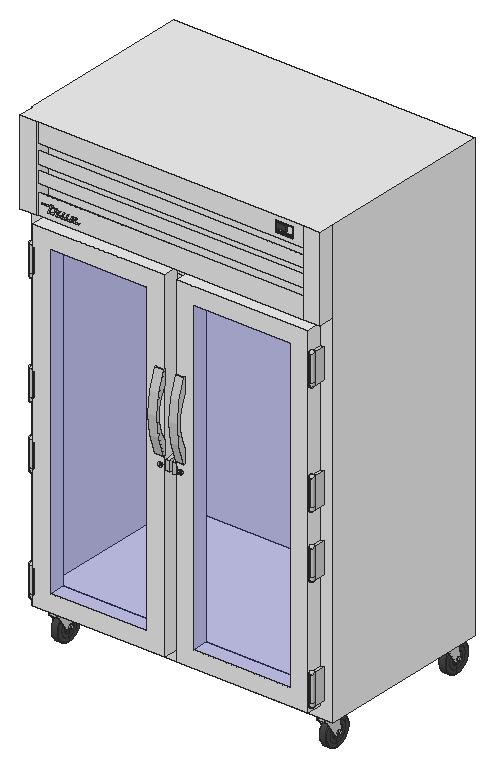
Revit family (continued)
Automatic sketch dimensions
  Extrusion 10 sketch curve to Extrusion 10 sketch curve = 4.4"
  Extrusion 10 sketch curve to Extrusion 10 sketch curve = 0"
  Blend 11 sketch curve to plane 12 = 31/32"  (x2)
  Blend 11 sketch curve to plane 12 = 7/32"
  plane 7 to Blend 11 sketch curve = 31.11669"
  Blend 11 sketch curve to Blend 11 sketch curve = 1 3/4"
  Blend 11 sketch curve to plane 12 = 0.03652"
  plane 7 to Blend 11 sketch curve = 30.5191"
  Blend 11 sketch curve to Blend 11 sketch curve = 2.78233"
  Blend 12 sketch curve to plane 8 = 1 1/8"
  Blend 12 sketch curve to plane 8 = 3/8"
  plane 7 to Blend 12 sketch curve = 32.86669"
  Blend 12 sketch curve to Blend 12 sketch curve = 1 3/4"
  plane 8 to Blend 12 sketch curve = 1 1/8"
  plane 8 to Blend 12 sketch curve = 0.19277"
  Blend 12 sketch curve to plane 7 = 30.5191"
  Blend 12 sketch curve to Blend 12 sketch curve = 2.78233"
  Extrusion 13 sketch curve to plane 5 "FRONT" = 1/2"
  Extrusion 13 sketch curve to Extrusion 13 sketch curve = 0.43503"
  Extrusion 13 sketch curve to Extrusion 13 sketch curve = 0.20453"
  Extrusion 13 sketch curve to Extrusion 13 sketch curve = 1.61044"
  Extrusion 13 sketch curve to plane 6 "TOP" = 24.88873"
  Extrusion 13 sketch curve to Extrusion 13 sketch curve = 0.71221"
  Extrusion 13 sketch curve to Extrusion 13 sketch curve = 4.39928"
  Revolve 14 sketch curve to plane 5 "FRONT" = 0.07771"  (x2)
  Revolve 14 sketch curve to Revolve 14 sketch curve = 0.38242"
  Revolve 14 sketch curve to Revolve 14 sketch curve = 0.38436"
  Revolve 14 sketch curve to plane 5 "FRONT" = 31/64"
  Revolve 14 sketch curve to Revolve 14 sketch curve = 0.40666"
  Revolve 14 sketch curve to Revolve 14 sketch curve = 0"
  Revolve 14 sketch curve to plane 6 "TOP" = 25.07719"
  Revolve 14 sketch curve to Revolve 14 sketch curve = 0.32931"
  Revolve 14 sketch curve to Revolve 14 sketch curve = 0.51246"
  Revolve 14 sketch curve to Revolve 14 sketch curve = 0.05342"
  Revolve 14 sketch curve to Revolve 14 sketch curve = 4.42889"
  Revolve 14 sketch curve to Revolve 14 sketch curve = 0.04281"
  Revolve 14 sketch curve to Revolve 14 sketch curve = 0.18929"
  Revolve 14 sketch curve to Revolve 14 sketch curve = 0.55526"
  Extrusion 15 sketch curve to plane 9 = 0.96009"
  Extrusion 15 sketch curve to Extrusion 15 sketch curve = 0.39759"
  Extrusion 15 sketch curve to plane 6 "TOP" = 24.12421"
  Extrusion 15 sketch curve to Extrusion 15 sketch curve = 4.47281"
  Extrusion 16 sketch curve to plane 5 "FRONT" = 1/2"
  Extrusion 16 sketch curve to Extrusion 16 sketch curve = 0.43503"
  Extrusion 16 sketch curve to Extrusion 16 sketch curve = 0.20453"
  Extrusion 16 sketch curve to Extrusion 16 sketch curve = 1.61044"
  plane 7 to Extrusion 16 sketch curve = 33.61127"
  Extrusion 16 sketch curve to Extrusion 16 sketch curve = 0.71221"
  Extrusion 16 sketch curve to Extrusion 16 sketch curve = 4.39928"
  Revolve 17 sketch curve to plane 5 "FRONT" = 0.07771"  (x2)
  Revolve 17 sketch curve to Revolve 17 sketch curve = 0.38242"
  Revolve 17 sketch curve to Revolve 17 sketch curve = 0.38436"
  Revolve 17 sketch curve to plane 5 "FRONT" = 31/64"
  Revolve 17 sketch curve to Revolve 17 sketch curve = 0.40666"
  Revolve 17 sketch curve to Revolve 17 sketch curve = 0"
  plane 7 to Revolve 17 sketch curve = 33.42281"
  Revolve 17 sketch curve to Revolve 17 sketch curve = 0.32931"
  Revolve 17 sketch curve to Revolve 17 sketch curve = 0.51246"
  Revolve 17 sketch curve to Revolve 17 sketch curve = 0.05342"
  Revolve 17 sketch curve to Revolve 17 sketch curve = 4.42889"
  Revolve 17 sketch curve to Revolve 17 sketch curve = 0.04281"
  Revolve 17 sketch curve to Revolve 17 sketch curve = 0.18929"
  Revolve 17 sketch curve to Revolve 17 sketch curve = 0.55526"
  Extrusion 18 sketch curve to plane 9 = 0.96009"
  Extrusion 18 sketch curve to Extrusion 18 sketch curve = 0.39759"
  plane 7 to Extrusion 18 sketch curve = 34.37579"
  Extrusion 18 sketch curve to Extrusion 18 sketch curve = 4.47281"
  Extrusion 19 sketch curve to plane 5 "FRONT" = 1/2"
  Extrusion 19 sketch curve to Extrusion 19 sketch curve = 0.43503"
  Extrusion 19 sketch curve to Extrusion 19 sketch curve = 0.20453"
  Extrusion 19 sketch curve to Extrusion 19 sketch curve = 1.61044"
  plane 7 to Extrusion 19 sketch curve = 22.61127"
  Extrusion 19 sketch curve to Extrusion 19 sketch curve = 0.71221"
  Extrusion 19 sketch curve to Extrusion 19 sketch curve = 4.39928"
  Revolve 20 sketch curve to plane 5 "FRONT" = 0.07771"  (x2)
  Revolve 20 sketch curve to Revolve 20 sketch curve = 0.38242"
  Revolve 20 sketch curve to Revolve 20 sketch curve = 0.38436"
  Revolve 20 sketch curve to plane 5 "FRONT" = 31/64"
  Revolve 20 sketch curve to Revolve 20 sketch curve = 0.40666"
  Revolve 20 sketch curve to Revolve 20 sketch curve = 0"
  plane 7 to Revolve 20 sketch curve = 22.42281"
  Revolve 20 sketch curve to Revolve 20 sketch curve = 0.32931"
  Revolve 20 sketch curve to Revolve 20 sketch curve = 0.51246"
  Revolve 20 sketch curve to Revolve 20 sketch curve = 0.05342"
  Revolve 20 sketch curve to Revolve 20 sketch curve = 4.42889"
  Revolve 20 sketch curve to Revolve 20 sketch curve = 0.04281"
  Revolve 20 sketch curve to Revolve 20 sketch curve = 0.18929"
  Revolve 20 sketch curve to Revolve 20 sketch curve = 0.55526"
  Extrusion 21 sketch curve to plane 9 = 0.96009"
  Extrusion 21 sketch curve to Extrusion 21 sketch curve = 0.39759"
  plane 7 to Extrusion 21 sketch curve = 23.37579"
  Extrusion 21 sketch curve to Extrusion 21 sketch curve = 4.47281"
  Extrusion 22 sketch curve to plane 5 "FRONT" = 1/2"
  Extrusion 22 sketch curve to Extrusion 22 sketch curve = 0.43503"
  Extrusion 22 sketch curve to Extrusion 22 sketch curve = 0.20453"
  Extrusion 22 sketch curve to Extrusion 22 sketch curve = 1.61044"
  plane 7 to Extrusion 22 sketch curve = 2.86127"
  Extrusion 22 sketch curve to Extrusion 22 sketch curve = 0.71221"
  Extrusion 22 sketch curve to Extrusion 22 sketch curve = 4.39928"
  Revolve 23 sketch curve to plane 5 "FRONT" = 0.07771"  (x2)
  Revolve 23 sketch curve to Revolve 23 sketch curve = 0.38242"
  Revolve 23 sketch curve to Revolve 23 sketch curve = 0.38436"
  Revolve 23 sketch curve to plane 5 "FRONT" = 31/64"
  Revolve 23 sketch curve to Revolve 23 sketch curve = 0.40666"
  Revolve 23 sketch curve to Revolve 23 sketch curve = 0"
  plane 7 to Revolve 23 sketch curve = 2.67281"
  Revolve 23 sketch curve to Revolve 23 sketch curve = 0.32931"
  Revolve 23 sketch curve to Revolve 23 sketch curve = 0.51246"
  Revolve 23 sketch curve to Revolve 23 sketch curve = 0.05342"
  Revolve 23 sketch curve to Revolve 23 sketch curve = 4.42889"
  Revolve 23 sketch curve to Revolve 23 sketch curve = 0.04281"
  Revolve 23 sketch curve to Revolve 23 sketch curve = 0.18929"
  Revolve 23 sketch curve to Revolve 23 sketch curve = 0.55526"
  Extrusion 24 sketch curve to plane 9 = 0.96009"
  Extrusion 24 sketch curve to Extrusion 24 sketch curve = 0.39759"
  plane 7 to Extrusion 24 sketch curve = 3.62579"
  Extrusion 24 sketch curve to Extrusion 24 sketch curve = 4.47281"
  Extrusion 25 sketch curve to plane 5 "FRONT" = 1/2"
  Extrusion 25 sketch curve to Extrusion 25 sketch curve = 0.43503"
  Extrusion 25 sketch curve to Extrusion 25 sketch curve = 0.20453"
  Extrusion 25 sketch curve to Extrusion 25 sketch curve = 1.61044"
  Extrusion 25 sketch curve to plane 6 "TOP" = 19.57271"
  Extrusion 25 sketch curve to Extrusion 25 sketch curve = 4.39928"
  Extrusion 25 sketch curve to Extrusion 25 sketch curve = 0.71221"
  Revolve 26 sketch curve to plane 5 "FRONT" = 0.07771"  (x2)
  Revolve 26 sketch curve to Revolve 26 sketch curve = 0.38242"
  Revolve 26 sketch curve to Revolve 26 sketch curve = 0.38436"
  Revolve 26 sketch curve to plane 5 "FRONT" = 31/64"
  Revolve 26 sketch curve to Revolve 26 sketch curve = 0.40666"
  Revolve 26 sketch curve to Revolve 26 sketch curve = 0"
  Revolve 26 sketch curve to plane 6 "TOP" = 18.75492"
  Revolve 26 sketch curve to Revolve 26 sketch curve = 0.55526"
  Revolve 26 sketch curve to Revolve 26 sketch curve = 0.19474"
  Revolve 26 sketch curve to Revolve 26 sketch curve = 0.14649"
  Revolve 26 sketch curve to Revolve 26 sketch curve = 4.42889"
  Revolve 26 sketch curve to Revolve 26 sketch curve = 0.05342"
  Revolve 26 sketch curve to Revolve 26 sketch curve = 0.51246"
  Revolve 26 sketch curve to Revolve 26 sketch curve = 0.05889"
  plane 10 to Extrusion 27 sketch curve = 0.80384"
  Extrusion 27 sketch curve to Extrusion 27 sketch curve = 0.39759"
  Extrusion 27 sketch curve to plane 6 "TOP" = 19.6514"
  Extrusion 27 sketch curve to Extrusion 27 sketch curve = 4.47281"
  Extrusion 28 sketch curve to plane 5 "FRONT" = 1/2"
  Extrusion 28 sketch curve to Extrusion 28 sketch curve = 0.43503"
  Extrusion 28 sketch curve to Extrusion 28 sketch curve = 0.20453"
  Extrusion 28 sketch curve to Extrusion 28 sketch curve = 1.61044"
  plane 7 to Extrusion 28 sketch curve = 38.92729"
  Extrusion 28 sketch curve to Extrusion 28 sketch curve = 4.39928"
  Extrusion 28 sketch curve to Extrusion 28 sketch curve = 0.71221"
  Revolve 29 sketch curve to plane 5 "FRONT" = 0.07771"  (x2)
  Revolve 29 sketch curve to Revolve 29 sketch curve = 0.38242"
  Revolve 29 sketch curve to Revolve 29 sketch curve = 0.38436"
  Revolve 29 sketch curve to plane 5 "FRONT" = 31/64"
  Revolve 29 sketch curve to Revolve 29 sketch curve = 0.40666"
  Revolve 29 sketch curve to Revolve 29 sketch curve = 0"
  Revolve 29 sketch curve to plane 6 "TOP" = 38.25492"
  Revolve 29 sketch curve to Revolve 29 sketch curve = 0.55526"
  Revolve 29 sketch curve to Revolve 29 sketch curve = 0.19474"
  Revolve 29 sketch curve to Revolve 29 sketch curve = 0.14649"
  Revolve 29 sketch curve to Revolve 29 sketch curve = 4.42889"
  Revolve 29 sketch curve to Revolve 29 sketch curve = 0.05342"
  Revolve 29 sketch curve to Revolve 29 sketch curve = 0.51246"
  Revolve 29 sketch curve to Revolve 29 sketch curve = 0.05889"
  plane 10 to Extrusion 30 sketch curve = 0.80384"
  Extrusion 30 sketch curve to Extrusion 30 sketch curve = 0.39759"
  plane 7 to Extrusion 30 sketch curve = 38.8486"
  Extrusion 30 sketch curve to Extrusion 30 sketch curve = 4.47281"
  Extrusion 31 sketch curve to plane 5 "FRONT" = 1/2"
  Extrusion 31 sketch curve to Extrusion 31 sketch curve = 0.43503"
  Extrusion 31 sketch curve to Extrusion 31 sketch curve = 0.20453"
  Extrusion 31 sketch curve to Extrusion 31 sketch curve = 1.61044"
  plane 7 to Extrusion 31 sketch curve = 27.92729"
  Extrusion 31 sketch curve to Extrusion 31 sketch curve = 4.39928"
  Extrusion 31 sketch curve to Extrusion 31 sketch curve = 0.71221"
  Revolve 32 sketch curve to plane 5 "FRONT" = 0.07771"  (x2)
  Revolve 32 sketch curve to Revolve 32 sketch curve = 0.38242"
  Revolve 32 sketch curve to Revolve 32 sketch curve = 0.38436"
  Revolve 32 sketch curve to plane 5 "FRONT" = 31/64"
  Revolve 32 sketch curve to Revolve 32 sketch curve = 0.40666"
  Revolve 32 sketch curve to Revolve 32 sketch curve = 0"
  plane 7 to Revolve 32 sketch curve = 28.74508"
  Revolve 32 sketch curve to Revolve 32 sketch curve = 0.55526"
  Revolve 32 sketch curve to Revolve 32 sketch curve = 0.19474"
  Revolve 32 sketch curve to Revolve 32 sketch curve = 0.14649"
  Revolve 32 sketch curve to Revolve 32 sketch curve = 4.42889"
  Revolve 32 sketch curve to Revolve 32 sketch curve = 0.05342"
  Revolve 32 sketch curve to Revolve 32 sketch curve = 0.51246"
  Revolve 32 sketch curve to Revolve 32 sketch curve = 0.05889"
  plane 10 to Extrusion 33 sketch curve = 0.80384"
  Extrusion 33 sketch curve to Extrusion 33 sketch curve = 0.39759"
  plane 7 to Extrusion 33 sketch curve = 27.8486"
  Extrusion 33 sketch curve to Extrusion 33 sketch curve = 4.47281"
  Extrusion 34 sketch curve to plane 5 "FRONT" = 1/2"
  Extrusion 34 sketch curve to Extrusion 34 sketch curve = 0.43503"
  Extrusion 34 sketch curve to Extrusion 34 sketch curve = 0.20453"
  Extrusion 34 sketch curve to Extrusion 34 sketch curve = 1.61044"
  plane 7 to Extrusion 34 sketch curve = 8.17729"
  plane 7 to Extrusion 34 sketch curve = 3.57348"
  Extrusion 34 sketch curve to Extrusion 34 sketch curve = 0.71221"
  Revolve 35 sketch curve to plane 5 "FRONT" = 0.07771"  (x2)
  Revolve 35 sketch curve to Revolve 35 sketch curve = 0.38242"
  Revolve 35 sketch curve to Revolve 35 sketch curve = 0.38436"
  Revolve 35 sketch curve to plane 5 "FRONT" = 31/64"
  Revolve 35 sketch curve to Revolve 35 sketch curve = 0.40666"
  Revolve 35 sketch curve to Revolve 35 sketch curve = 0"
  plane 7 to Revolve 35 sketch curve = 8.99508"
  Revolve 35 sketch curve to Revolve 35 sketch curve = 0.55526"
  Revolve 35 sketch curve to Revolve 35 sketch curve = 0.19474"
  Revolve 35 sketch curve to Revolve 35 sketch curve = 0.14649"
  plane 7 to Revolve 35 sketch curve = 3.62689"
  Revolve 35 sketch curve to Revolve 35 sketch curve = 0.05342"
  Revolve 35 sketch curve to Revolve 35 sketch curve = 0.51246"
  Revolve 35 sketch curve to Revolve 35 sketch curve = 0.05889"
  plane 10 to Extrusion 36 sketch curve = 0.80384"
  Extrusion 36 sketch curve to Extrusion 36 sketch curve = 0.39759"
  plane 7 to Extrusion 36 sketch curve = 8.0986"
  plane 7 to Extrusion 36 sketch curve = 3.62579"
  Revolve 37 sketch curve to plane 10 = 1.50773"
  Revolve 37 sketch curve to Revolve 37 sketch curve = 0.48273"
  Revolve 37 sketch curve to plane 10 = 5/8"  (x2)
  Revolve 37 sketch curve to Revolve 37 sketch curve = 0.1"  (x2)
  Revolve 37 sketch curve to Revolve 37 sketch curve = 0.16101"
  plane 10 to Revolve 37 sketch curve = 0.12908"
  plane 10 to Revolve 37 sketch curve = 0.46399"
  plane 10 to Revolve 37 sketch curve = 0.525"
  Revolve 37 sketch curve to Revolve 37 sketch curve = 1/2"
  Revolve 37 sketch curve to Revolve 37 sketch curve = 0.16509"
  Revolve 37 sketch curve to Revolve 37 sketch curve = 0.39592"
  level to Revolve 37 sketch curve = 2 1/2"
  Revolve 37 sketch curve to Revolve 37 sketch curve = 0"
  Revolve 37 sketch curve to Revolve 37 sketch curve = 0.29941"  (x2)
  Revolve 37 sketch curve to Revolve 37 sketch curve = 3/4"  (x4)
  Revolve 37 sketch curve to Revolve 37 sketch curve = 0.59652"
  Revolve 37 sketch curve to Revolve 37 sketch curve = 0.60059"
  Extrusion 38 sketch curve to plane 7 = 0.63926"  (x2)
  Extrusion 38 sketch curve to plane 5 "FRONT" = 3.79864"
  Extrusion 38 sketch curve to Extrusion 38 sketch curve = 1/4"  (x2)
  level to Extrusion 38 sketch curve = 2.18736"  (x2)
  Extrusion 38 sketch curve to Extrusion 38 sketch curve = 1.7492"
  Extrusion 38 sketch curve to Extrusion 38 sketch curve = 0.50669"  (x2)
  Extrusion 38 sketch curve to Extrusion 38 sketch curve = 2 1/2"
  level to Extrusion 38 sketch curve = 2.59003"
  Extrusion 38 sketch curve to Extrusion 38 sketch curve = 0.59966"  (x2)
  plane 1 "BACK" to Extrusion 38 sketch curve = 3.8577"
  plane 1 "BACK" to Extrusion 38 sketch curve = 1.8585"
  plane 1 "BACK" to Extrusion 38 sketch curve = 1.1077"
  Extrusion 38 sketch curve to Extrusion 38 sketch curve = 0.32905"
  Extrusion 38 sketch curve to Extrusion 38 sketch curve = 0.60485"  (x2)
  Extrusion 39 sketch curve to plane 7 = 0.63926"  (x2)
  Extrusion 39 sketch curve to plane 5 "FRONT" = 3.79864"
  Extrusion 39 sketch curve to Extrusion 39 sketch curve = 1/4"  (x2)
  level to Extrusion 39 sketch curve = 2.18736"  (x2)
  Extrusion 39 sketch curve to Extrusion 39 sketch curve = 1.7492"
  Extrusion 39 sketch curve to Extrusion 39 sketch curve = 0.50669"  (x2)
  Extrusion 39 sketch curve to Extrusion 39 sketch curve = 2 1/2"
  level to Extrusion 39 sketch curve = 2.59003"
  Extrusion 39 sketch curve to Extrusion 39 sketch curve = 0.59966"  (x2)
  plane 1 "BACK" to Extrusion 39 sketch curve = 3.8577"
  plane 1 "BACK" to Extrusion 39 sketch curve = 1.8585"
  plane 1 "BACK" to Extrusion 39 sketch curve = 1.1077"
  Extrusion 39 sketch curve to Extrusion 39 sketch curve = 0.32905"
  Extrusion 39 sketch curve to Extrusion 39 sketch curve = 0.60485"  (x2)
  Revolve 40 sketch curve to plane 10 = 0"  (x2)
  Revolve 40 sketch curve to plane 7 = 0.62954"
  Revolve 40 sketch curve to plane 10 = 1.29707"
  Revolve 40 sketch curve to Revolve 40 sketch curve = 0.10278"
  Revolve 40 sketch curve to plane 7 = 0.00141"
  plane 7 to Revolve 40 sketch curve = 0.26768"
  Revolve 41 sketch curve to level = 0"
  Revolve 41 sketch curve to plane 10 = 0"  (x2)
  Revolve 41 sketch curve to plane 10 = 1/2"
  Revolve 41 sketch curve to Revolve 41 sketch curve = 1/4"
  Revolve 41 sketch curve to plane 7 = 0"
  Revolve 41 sketch curve to Revolve 41 sketch curve = 1.33338"
  level to Revolve 41 sketch curve = 1"
  Revolve 41 sketch curve to Revolve 41 sketch curve = 5/8"
  plane 7 to Revolve 41 sketch curve = 1 25/32"
  Revolve 42 sketch curve to level = 0"
  Revolve 42 sketch curve to plane 10 = 0"  (x2)
  Revolve 42 sketch curve to plane 10 = 1/2"
  Revolve 42 sketch curve to Revolve 42 sketch curve = 1/4"
  Revolve 42 sketch curve to plane 7 = 0"
  Revolve 42 sketch curve to Revolve 42 sketch curve = 1.33338"
  level to Revolve 42 sketch curve = 1"
  Revolve 42 sketch curve to Revolve 42 sketch curve = 5/8"
  plane 7 to Revolve 42 sketch curve = 1 25/32"
  Revolve 43 sketch curve to plane 10 = 0"  (x2)
  Revolve 43 sketch curve to plane 7 = 0.62954"
  Revolve 43 sketch curve to plane 10 = 1.29707"
  Revolve 43 sketch curve to Revolve 43 sketch curve = 0.10278"
  Revolve 43 sketch curve to plane 7 = 0.00141"
  plane 7 to Revolve 43 sketch curve = 0.26768"
  Extrusion 44 sketch curve to plane 7 = 0.63926"  (x2)
  Extrusion 44 sketch curve to plane 5 "FRONT" = 3.79864"
  Extrusion 44 sketch curve to Extrusion 44 sketch curve = 1/4"  (x2)
  Extrusion 44 sketch curve to Extrusion 44 sketch curve = 2 1/2"
  Extrusion 44 sketch curve to plane 7 = 0.93273"  (x2)
  Extrusion 44 sketch curve to Extrusion 44 sketch curve = 0.03603"
  plane 1 "BACK" to Extrusion 44 sketch curve = 3.8577"
  Extrusion 44 sketch curve to plane 7 = 1.24411"
  plane 1 "BACK" to Extrusion 44 sketch curve = 1.1077"
  Revolve 45 sketch curve to plane 10 = 1.50773"
  Revolve 45 sketch curve to Revolve 45 sketch curve = 0.48273"
  Revolve 45 sketch curve to plane 10 = 5/8"  (x2)
  Revolve 45 sketch curve to Revolve 45 sketch curve = 0.1"  (x2)
  Revolve 45 sketch curve to Revolve 45 sketch curve = 0.16101"
  plane 10 to Revolve 45 sketch curve = 0.12908"
  plane 10 to Revolve 45 sketch curve = 0.46399"
  plane 10 to Revolve 45 sketch curve = 0.525"
  Revolve 45 sketch curve to Revolve 45 sketch curve = 1/2"
  Revolve 45 sketch curve to Revolve 45 sketch curve = 0.16509"
  Revolve 45 sketch curve to Revolve 45 sketch curve = 0.39592"
  level to Revolve 45 sketch curve = 2 1/2"
  Revolve 45 sketch curve to Revolve 45 sketch curve = 0"
  Revolve 45 sketch curve to Revolve 45 sketch curve = 0.29941"  (x2)
  Revolve 45 sketch curve to Revolve 45 sketch curve = 3/4"  (x4)
  Revolve 45 sketch curve to Revolve 45 sketch curve = 0.59652"
  Revolve 45 sketch curve to Revolve 45 sketch curve = 0.60059"
  plane 3 "LEFT" to Revolve 46 sketch curve = 1.33602"
  Revolve 46 sketch curve to Revolve 46 sketch curve = 0.48273"
  Revolve 46 sketch curve to plane 9 = 5/8"  (x2)
  Revolve 46 sketch curve to Revolve 46 sketch curve = 0.1"  (x2)
  Revolve 46 sketch curve to Revolve 46 sketch curve = 0.16101"
  plane 9 to Revolve 46 sketch curve = 0.12908"
  plane 9 to Revolve 46 sketch curve = 0.46399"
  plane 9 to Revolve 46 sketch curve = 0.525"
  Revolve 46 sketch curve to Revolve 46 sketch curve = 1/2"
  Revolve 46 sketch curve to Revolve 46 sketch curve = 0.16509"
  Revolve 46 sketch curve to Revolve 46 sketch curve = 0.39592"
  level to Revolve 46 sketch curve = 2 1/2"
  Revolve 46 sketch curve to Revolve 46 sketch curve = 0"
  Revolve 46 sketch curve to Revolve 46 sketch curve = 0.29941"  (x2)
  Revolve 46 sketch curve to Revolve 46 sketch curve = 3/4"  (x4)
  Revolve 46 sketch curve to Revolve 46 sketch curve = 0.59652"
  Revolve 46 sketch curve to Revolve 46 sketch curve = 0.60059"
  Extrusion 47 sketch curve to plane 7 = 0.63926"  (x2)
  Extrusion 47 sketch curve to plane 5 "FRONT" = 3.79864"
  Extrusion 47 sketch curve to Extrusion 47 sketch curve = 1/4"  (x2)
  level to Extrusion 47 sketch curve = 2.18736"  (x2)
  Extrusion 47 sketch curve to Extrusion 47 sketch curve = 1.7492"
  Extrusion 47 sketch curve to Extrusion 47 sketch curve = 0.50669"  (x2)
  Extrusion 47 sketch curve to Extrusion 47 sketch curve = 2 1/2"
  level to Extrusion 47 sketch curve = 2.59003"
  Extrusion 47 sketch curve to Extrusion 47 sketch curve = 0.59966"  (x2)
  plane 1 "BACK" to Extrusion 47 sketch curve = 3.8577"
  plane 1 "BACK" to Extrusion 47 sketch curve = 1.8585"
  plane 1 "BACK" to Extrusion 47 sketch curve = 1.1077"
  Extrusion 47 sketch curve to Extrusion 47 sketch curve = 0.32905"
  Extrusion 47 sketch curve to Extrusion 47 sketch curve = 0.60485"  (x2)
  Extrusion 48 sketch curve to plane 7 = 0.63926"  (x2)
  Extrusion 48 sketch curve to plane 5 "FRONT" = 3.79864"
  Extrusion 48 sketch curve to Extrusion 48 sketch curve = 1/4"  (x2)
  level to Extrusion 48 sketch curve = 2.18736"  (x2)
  Extrusion 48 sketch curve to Extrusion 48 sketch curve = 1.7492"
  Extrusion 48 sketch curve to Extrusion 48 sketch curve = 0.50669"  (x2)
  Extrusion 48 sketch curve to Extrusion 48 sketch curve = 2 1/2"
  level to Extrusion 48 sketch curve = 2.59003"
  Extrusion 48 sketch curve to Extrusion 48 sketch curve = 0.59966"  (x2)
  plane 1 "BACK" to Extrusion 48 sketch curve = 3.8577"
  plane 1 "BACK" to Extrusion 48 sketch curve = 1.8585"
  plane 1 "BACK" to Extrusion 48 sketch curve = 1.1077"
  Extrusion 48 sketch curve to Extrusion 48 sketch curve = 0.32905"
  Extrusion 48 sketch curve to Extrusion 48 sketch curve = 0.60485"  (x2)
  Revolve 49 sketch curve to plane 9 = 0"  (x2)
  Revolve 49 sketch curve to plane 7 = 0.62954"
  Revolve 49 sketch curve to plane 9 = 1.29707"
  Revolve 49 sketch curve to Revolve 49 sketch curve = 0.10278"
  Revolve 49 sketch curve to plane 7 = 0.00141"
  plane 7 to Revolve 49 sketch curve = 0.26768"
  Revolve 50 sketch curve to level = 0"
  Revolve 50 sketch curve to plane 9 = 0"  (x2)
  Revolve 50 sketch curve to plane 9 = 1/2"
  Revolve 50 sketch curve to Revolve 50 sketch curve = 1/4"
  Revolve 50 sketch curve to plane 7 = 0"
  Revolve 50 sketch curve to plane 9 = 1.33338"
  level to Revolve 50 sketch curve = 1"
  Revolve 50 sketch curve to Revolve 50 sketch curve = 5/8"
  plane 7 to Revolve 50 sketch curve = 1 25/32"
  Revolve 51 sketch curve to level = 0"
  Revolve 51 sketch curve to plane 9 = 0"  (x2)
  Revolve 51 sketch curve to plane 9 = 1/2"
  Revolve 51 sketch curve to Revolve 51 sketch curve = 1/4"
  Revolve 51 sketch curve to plane 7 = 0"
  Revolve 51 sketch curve to plane 9 = 1.33338"
  level to Revolve 51 sketch curve = 1"
  Revolve 51 sketch curve to Revolve 51 sketch curve = 5/8"
  plane 7 to Revolve 51 sketch curve = 1 25/32"
  Revolve 52 sketch curve to plane 9 = 0"  (x2)
  Revolve 52 sketch curve to plane 7 = 0.62954"
  Revolve 52 sketch curve to plane 9 = 1.29707"
  Revolve 52 sketch curve to Revolve 52 sketch curve = 0.10278"
  Revolve 52 sketch curve to plane 7 = 0.00141"
  plane 7 to Revolve 52 sketch curve = 0.26768"
  Extrusion 53 sketch curve to plane 7 = 0.63926"  (x2)
  Extrusion 53 sketch curve to plane 5 "FRONT" = 3.79864"
  Extrusion 53 sketch curve to Extrusion 53 sketch curve = 1/4"  (x2)
  Extrusion 53 sketch curve to Extrusion 53 sketch curve = 2 1/2"
  Extrusion 53 sketch curve to plane 7 = 0.93273"  (x2)
  Extrusion 53 sketch curve to Extrusion 53 sketch curve = 0.03603"
  plane 1 "BACK" to Extrusion 53 sketch curve = 3.8577"
  Extrusion 53 sketch curve to plane 7 = 1.24411"
  plane 1 "BACK" to Extrusion 53 sketch curve = 1.1077"
  plane 3 "LEFT" to Revolve 54 sketch curve = 1.33602"
  Revolve 54 sketch curve to Revolve 54 sketch curve = 0.48273"
  Revolve 54 sketch curve to plane 9 = 5/8"  (x2)
  Revolve 54 sketch curve to Revolve 54 sketch curve = 0.1"  (x2)
  Revolve 54 sketch curve to Revolve 54 sketch curve = 0.16101"
  plane 9 to Revolve 54 sketch curve = 0.12908"
  plane 9 to Revolve 54 sketch curve = 0.46399"
  plane 9 to Revolve 54 sketch curve = 0.525"
  Revolve 54 sketch curve to Revolve 54 sketch curve = 1/2"
  Revolve 54 sketch curve to Revolve 54 sketch curve = 0.16509"
  Revolve 54 sketch curve to Revolve 54 sketch curve = 0.39592"
  level to Revolve 54 sketch curve = 2 1/2"
  Revolve 54 sketch curve to Revolve 54 sketch curve = 0"
  Revolve 54 sketch curve to Revolve 54 sketch curve = 0.29941"  (x2)
  Revolve 54 sketch curve to Revolve 54 sketch curve = 3/4"  (x4)
  Revolve 54 sketch curve to Revolve 54 sketch curve = 0.59652"
  Revolve 54 sketch curve to Revolve 54 sketch curve = 0.60059"
  Extrusion 55 sketch curve to plane 6 "TOP" = 2.55982"
  Extrusion 55 sketch curve to plane 10 = 5.12093"
  Extrusion 55 sketch curve to plane 10 = 2.21468"
  Extrusion 55 sketch curve to plane 6 "TOP" = 13/16"
  Extrusion 56 sketch curve to plane 6 "TOP" = 3/4"
  Extrusion 56 sketch curve to plane 10 = 5.18343"
  Extrusion 56 sketch curve to Extrusion 56 sketch curve = 1/16"  (x4)
  Extrusion 56 sketch curve to Extrusion 56 sketch curve = 0.1375"  (x2)
  Extrusion 56 sketch curve to Extrusion 56 sketch curve = 1/4"  (x4)
  Extrusion 56 sketch curve to Extrusion 56 sketch curve = 0.44601"
  Extrusion 56 sketch curve to Extrusion 56 sketch curve = 1/2"  (x2)
  Extrusion 56 sketch curve to Extrusion 56 sketch curve = 0.0035"
  Extrusion 56 sketch curve to Extrusion 56 sketch curve = 1.06923"
  Extrusion 56 sketch curve to plane 6 "TOP" = 0.95"
  Extrusion 56 sketch curve to Extrusion 56 sketch curve = 1"
  Extrusion 56 sketch curve to Extrusion 56 sketch curve = 0.34106"  (x3)
  Extrusion 56 sketch curve to Extrusion 56 sketch curve = 0"
  Extrusion 56 sketch curve to Extrusion 56 sketch curve = 0.26876"
  Extrusion 58 sketch curve to plane 9 = 0"
  Extrusion 58 sketch curve to plane 5 "FRONT" = 5.09023"
  Extrusion 59 sketch curve to plane 9 = 0"
  plane 1 "BACK" to Extrusion 59 sketch curve = 2.69102"
  Extrusion 60 sketch curve to plane 10 = 0"
  plane 1 "BACK" to Extrusion 60 sketch curve = 2.69102"
  Extrusion 61 sketch curve to plane 10 = 0"
  Extrusion 61 sketch curve to plane 5 "FRONT" = 5.09023"
  plane 9 to Extrusion 62 sketch curve = 2 13/32"
  Extrusion 62 sketch curve to plane 12 = 3 31/32"
  Extrusion 62 sketch curve to plane 8 = 4 1/8"
  Extrusion 62 sketch curve to plane 10 = 2 9/16"
  plane 7 to Extrusion 62 sketch curve = 4 29/32"  (x2)
  Extrusion 62 sketch curve to plane 6 "TOP" = 19 5/32"
  Extrusion 62 sketch curve to Extrusion 62 sketch curve = 0"
  plane 5 "FRONT" to Extrusion 63 sketch curve = 0.2"  (x2)
  plane 5 "FRONT" to Extrusion 63 sketch curve = 0"  (x2)
  Extrusion 63 sketch curve to plane 5 "FRONT" = 7.77899"
  Extrusion 63 sketch curve to Extrusion 63 sketch curve = 7.30945"
  Extrusion 63 sketch curve to plane 6 "TOP" = 30.96833"
  Extrusion 63 sketch curve to Extrusion 63 sketch curve = 2.4"
  Extrusion 63 sketch curve to Extrusion 63 sketch curve = 4.4"
  Extrusion 63 sketch curve to Extrusion 63 sketch curve = 0"
  Extrusion 3 sketch curve to Extrusion 3 sketch curve = 2"
  Extrusion 3 sketch curve to Extrusion 3 sketch curve = 2 17/32"
  plane 11 to Extrusion 3 sketch curve = 2.7042"
  plane 7 to Extrusion 3 sketch curve = 3.86127"
  plane 5 "FRONT" to Extrusion 57 sketch curve = 0"  (x2)
  plane 10 to Extrusion 57 sketch curve = 7/16"
  Extrusion 57 sketch curve to plane 8 = 15/16"
  Extrusion 57 sketch curve to plane 12 = 1 1/64"
  Extrusion 57 sketch curve to plane 9 = 19/32"
  Extrusion 3 to Extrusion 64 sketch curve = 0"
  Extrusion 64 sketch curve to Extrusion 3 = 1"
  Extrusion 3 to Extrusion 64 sketch curve = 21 31/32"
  Extrusion 64 sketch curve to Extrusion 64 sketch curve = 4 1/32"
  plane 8 to Extrusion 6 sketch curve = 3 31/32"
  plane 8 to Extrusion 6 sketch curve = 31/32"
  Extrusion 6 sketch curve to plane 8 = 1 1/8"
  Extrusion 6 sketch curve to plane 8 = 4 1/8"
  radius of Extrusion 7 sketch curve = 0.35"  (x2)
  radius of Extrusion 9 sketch curve = 1/4"
  radius of Extrusion 58 sketch curve = 1 1/2"
  radius of Extrusion 59 sketch curve = 1 1/2"
  radius of Extrusion 60 sketch curve = 1 1/2"
  radius of Extrusion 61 sketch curve = 1 1/2"
Connectors (in)
  electrical at (49.53125, -0.0625, 82), driven by "Volts", driven by "Watts"
    settings: on Extrusion 9, index 1, voltage 208 V, apparent load 3000 VA, apparent load phase1 0 VA, apparent load phase2 0 VA, apparent load phase3 0 VA, power factor 1, load classification "Other", number of poles 1, system type 30, power factor state 1, is connector primary yes, connector utility no, sub classification motor no, connector description "Electrical Connection"
